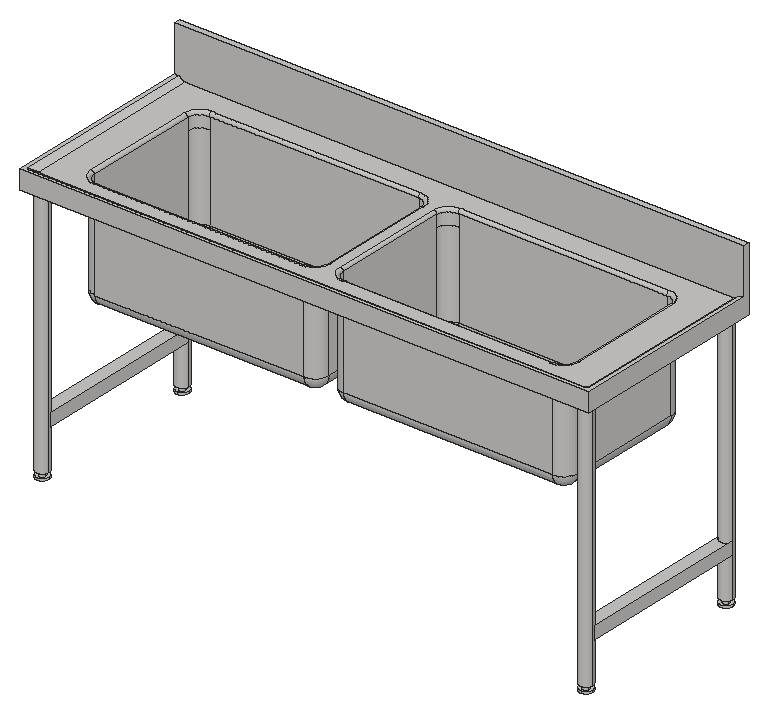
Revit family
Parameters (values of type "1850 X 650 Bowl Center")
  Depth of Bowl = 380 mm
  Width of Bowl = 460 mm
  Length of Bowl = 760 mm
  Distance of Bowl = 100 mm
  Waste Connection Radius = Waste Connection Diameter / 2  # 20 mm
  Waste Connection Diameter = 40 mm
  WFU = 0
  URL = "http://www.autospec.co.za/browse.php?id=1644179283"
  Product Code = "None"
  OmniClass Title = ""
  OmniClass Number = ""
  Modspec Classification = ""
  Specification = ""
  Location (revit room) = ""
  Material = Stainless Steel Grade 304
  Colour = none
  Bowl Posiition [instance] = if(Bowl Position End, Distance of Bowl, if(Bowl Position Center, (Length / 2 - Length of Bowl - 25 mm), Distance of Bowl))  # 140 mm
  Description = ""
  Bowl Position End = no
  Bowl Position Center = not(Bowl Position End)  # yes
  Body Finish = none
  Splashback Height = 150 mm
  Width = 650 mm
  Model = "Pot Sink Double Bowl Center Series KP2-1850 X 650"
  Manufacturer = "Kwikot"  # constant formula
  Length = 1850 mm
  Height = 1050 mm
  Assembly Code = "E1090300"
Reference planes
  plane 1 "Center (Front/Back)": y = 0
  plane 2 "Bottom": z = 0
  plane 3 "Center (Left/Right)": x = 0
  plane 4 "Left": x = -925
  plane 5 "Right": x = 925
  plane 6 "Front": y = -650
  plane 7 "Top": z = 1050
  plane 8: z = 900
  plane 9: z = 840
  plane 10: z = 520
  plane 11: y = -335
  plane 12: x = 145
  plane 13: x = -145
  plane 14: x = 25
  plane 15: x = -25
  plane 16: x = 785
  plane 17: x = -785
  plane 18: y = -565
  plane 19: y = -105
Forms (mm)
  Extrusion 1, solid, material "Stainless Steel Grade 304" <- "Material"
    sketch origin (-925, -491, 4000) x (0, -1, 0) y (0, 0, 1)
      loop
        line (-491, -3160) -> (159, -3160) -> (159, -3100) -> (-471, -3100) -> (-471, -2950) -> (-491, -2950) -> (-491, -3160)
    from 0 to -1850
  Blend 2, void
    base sketch origin (-779.234, -1524, 900) x (0, -1, 0) y (1, 0, 0)
      loop
        arc (-891, -133.766) -> (-887.464, -132.302) -> (-886, -128.766) r 5
        line (-886, -128.766) -> (-886, 1687.234)
        arc (-886, 1687.234) -> (-887.464, 1690.769) -> (-891, 1692.234) r 5
        line (-891, 1692.234) -> (-1504, 1692.234) -> (-1504, -133.766) -> (-891, -133.766)
    top sketch origin (-779.234, -1524, 900) x (0, -1, 0) y (1, 0, 0)
      loop
        line (-1504, -113.766) -> (-911, -113.766)
        arc (-911, -113.766) -> (-907.464, -112.302) -> (-906, -108.766) r 5
        line (-906, -108.766) -> (-906, 1667.234)
        arc (-906, 1667.234) -> (-907.464, 1670.769) -> (-911, 1672.234) r 5
        line (-911, 1672.234) -> (-1504, 1672.234) -> (-1504, -113.766)
    from 0 to -12
  Extrusion 3, void
    sketch origin (-779.234, -1524, 840) x (0, -1, 0) y (-1, 0, 0)
      loop
        line (-1419, -844.234) -> (-1419, -1524.234)
        arc (-1419, -1524.234) -> (-1407.284, -1552.518) -> (-1379, -1564.234) r 40
        line (-1379, -1564.234) -> (-999, -1564.234)
        arc (-999, -1564.234) -> (-970.716, -1552.518) -> (-959, -1524.234) r 40
        line (-959, -1524.234) -> (-959, -844.234)
        arc (-959, -844.234) -> (-970.716, -815.949) -> (-999, -804.234) r 40
        line (-999, -804.234) -> (-1379, -804.234)
        arc (-1379, -804.234) -> (-1407.284, -815.949) -> (-1419, -844.234) r 40
      loop
        arc (-1419, -714.234) -> (-1407.284, -742.518) -> (-1379, -754.234) r 40
        line (-1379, -754.234) -> (-999, -754.234)
        arc (-999, -754.234) -> (-970.716, -742.518) -> (-959, -714.234) r 40
        line (-959, -714.234) -> (-959, -34.234)
        arc (-959, -34.234) -> (-970.716, -5.949) -> (-999, 5.766) r 40
        line (-999, 5.766) -> (-1379, 5.766)
        arc (-1379, 5.766) -> (-1407.284, -5.949) -> (-1419, -34.234) r 40
        line (-1419, -34.234) -> (-1419, -714.234)
    from 0 to -60
  Sweep 4, solid, material "Stainless Steel Grade 304" <- "Material"
    path origin (-779.234, -1524, 900) x (-1, 0, 0) y (0, -1, 0)
      loop
        line (-804.234, -1379) -> (-804.234, -999)
        arc (-804.234, -999) -> (-815.949, -970.716) -> (-844.234, -959) r 40
        line (-844.234, -959) -> (-1524.234, -959)
        arc (-1524.234, -959) -> (-1552.518, -970.716) -> (-1564.234, -999) r 40
        line (-1564.234, -999) -> (-1564.234, -1379)
        arc (-1564.234, -1379) -> (-1552.518, -1407.284) -> (-1524.234, -1419) r 40
        line (-1524.234, -1419) -> (-844.234, -1419)
        arc (-844.234, -1419) -> (-815.949, -1407.284) -> (-804.234, -1379) r 40
    profile origin (25, -335, 900) x (1, 0, 0) y (0, 0, 1)
      loop
        line (0, -12) -> (-5, -12) -> (-5, -340)
        arc (-5, -340) -> (6.716, -368.284) -> (35, -380) r 40
        line (35, -380) -> (35, -375)
        arc (35, -375) -> (10.251, -364.749) -> (0, -340) r 35
        line (0, -340) -> (0, -12)
  Sweep 5, solid, material "Stainless Steel Grade 304" <- "Material"
    path origin (-779.234, -1524, 900) x (-1, 0, 0) y (0, -1, 0)
      loop
        line (5.766, -1379) -> (5.766, -999)
        arc (5.766, -999) -> (-5.949, -970.716) -> (-34.234, -959) r 40
        line (-34.234, -959) -> (-714.234, -959)
        arc (-714.234, -959) -> (-742.518, -970.716) -> (-754.234, -999) r 40
        line (-754.234, -999) -> (-754.234, -1379)
        arc (-754.234, -1379) -> (-742.518, -1407.284) -> (-714.234, -1419) r 40
        line (-714.234, -1419) -> (-34.234, -1419)
        arc (-34.234, -1419) -> (-5.949, -1407.284) -> (5.766, -1379) r 40
    profile origin (-785, -335, 900) x (1, 0, 0) y (0, 0, 1)
      loop
        line (0, -12) -> (-5, -12) -> (-5, -340)
        arc (-5, -340) -> (6.716, -368.284) -> (35, -380) r 40
        line (35, -380) -> (35, -375)
        arc (35, -375) -> (10.251, -364.749) -> (0, -340) r 35
        line (0, -340) -> (0, -12)
  Extrusion 6, solid, material "Stainless Steel Grade 304" <- "Material"
    sketch origin (-779.234, -1524, 520) x (-1, 0, 0) y (0, -1, 0)
      loop
        arc (-29.234, -999) -> (-30.698, -995.464) -> (-34.234, -994) r 5
        line (-34.234, -994) -> (-714.234, -994)
        arc (-714.234, -994) -> (-717.769, -995.464) -> (-719.234, -999) r 5
        line (-719.234, -999) -> (-719.234, -1379)
        arc (-719.234, -1379) -> (-717.769, -1382.536) -> (-714.234, -1384) r 5
        line (-714.234, -1384) -> (-34.234, -1384)
        arc (-34.234, -1384) -> (-30.698, -1382.536) -> (-29.234, -1379) r 5
        line (-29.234, -1379) -> (-29.234, -999)
      loop
        circle (-634.234, -1189) r 26
    from 0 to 5
  Extrusion 7, solid, material "Stainless Steel Grade 304" <- "Material"
    sketch origin (-779.234, -1524, 520) x (-1, 0, 0) y (0, -1, 0)
      loop
        arc (-839.234, -999) -> (-840.698, -995.464) -> (-844.234, -994) r 5
        line (-844.234, -994) -> (-1524.234, -994)
        arc (-1524.234, -994) -> (-1527.769, -995.464) -> (-1529.234, -999) r 5
        line (-1529.234, -999) -> (-1529.234, -1379)
        arc (-1529.234, -1379) -> (-1527.769, -1382.536) -> (-1524.234, -1384) r 5
        line (-1524.234, -1384) -> (-844.234, -1384)
        arc (-844.234, -1384) -> (-840.698, -1382.536) -> (-839.234, -1379) r 5
        line (-839.234, -1379) -> (-839.234, -999)
      loop
        circle (-924.234, -1189) r 26
    from 0 to 5
  Blend 8, solid, material "Stainless Steel Grade 304"
    base sketch origin (-779.234, -1524, 520) x (-1, 0, 0) y (0, -1, 0)
      loop
        circle (-634.234, -1189) r 26
    top sketch origin (-779.234, -1524, 520) x (-1, 0, 0) y (0, -1, 0)
      loop
        circle (-634.234, -1189) r 20
    from 0 to -5
  Blend 9, solid, material "Stainless Steel Grade 304"
    base sketch origin (-779.234, -1524, 520) x (-1, 0, 0) y (0, -1, 0)
      loop
        circle (-924.234, -1189) r 26
    top sketch origin (-779.234, -1524, 520) x (-1, 0, 0) y (0, -1, 0)
      loop
        circle (-924.234, -1189) r 20
    from 0 to -5
  Sweep 10, void
    path origin (-779.234, -1524, 900) x (-1, 0, 0) y (0, -1, 0)
      loop
        line (5.766, -1379) -> (5.766, -999)
        arc (5.766, -999) -> (-5.949, -970.716) -> (-34.234, -959) r 40
        line (-34.234, -959) -> (-714.234, -959)
        arc (-714.234, -959) -> (-742.518, -970.716) -> (-754.234, -999) r 40
        line (-754.234, -999) -> (-754.234, -1379)
        arc (-754.234, -1379) -> (-742.518, -1407.284) -> (-714.234, -1419) r 40
        line (-714.234, -1419) -> (-34.234, -1419)
        arc (-34.234, -1419) -> (-5.949, -1407.284) -> (5.766, -1379) r 40
    profile origin (-785, -335, 900) x (1, 0, 0) y (0, 0, 1)
      loop
        line (0, -12) -> (-10, -12)
        arc (-10, -12) -> (-2.929, -14.929) -> (0, -22) r 10
        line (0, -22) -> (0, -12)
  Sweep 11, void
    path origin (-779.234, -1524, 900) x (-1, 0, 0) y (0, -1, 0)
      loop
        line (-804.234, -1379) -> (-804.234, -999)
        arc (-804.234, -999) -> (-815.949, -970.716) -> (-844.234, -959) r 40
        line (-844.234, -959) -> (-1524.234, -959)
        arc (-1524.234, -959) -> (-1552.518, -970.716) -> (-1564.234, -999) r 40
        line (-1564.234, -999) -> (-1564.234, -1379)
        arc (-1564.234, -1379) -> (-1552.518, -1407.284) -> (-1524.234, -1419) r 40
        line (-1524.234, -1419) -> (-844.234, -1419)
        arc (-844.234, -1419) -> (-815.949, -1407.284) -> (-804.234, -1379) r 40
    profile origin (25, -335, 900) x (1, 0, 0) y (0, 0, 1)
      loop
        line (0, -12) -> (-10, -12)
        arc (-10, -12) -> (-2.929, -14.929) -> (0, -22) r 10
        line (0, -22) -> (0, -12)
  Extrusion 12, solid, material "Stainless Steel Grade 304" <- "Material"
    sketch origin (0, 0, 0) x (1, 0, 0) y (0, 1, 0)
      loop
        circle (-885, -610) r 21
      loop
        circle (-885, -40) r 21
      loop
        circle (885, -610) r 21
      loop
        circle (885, -40) r 21
    from 0 to 5
  Extrusion 13, solid, material "Stainless Steel Grade 304" <- "Material"
    sketch origin (0, 0, 0) x (1, 0, 0) y (0, 1, 0)
      loop
        circle (885, -610) r 10
      loop
        circle (-885, -610) r 10
      loop
        circle (-885, -40) r 10
      loop
        circle (885, -40) r 10
    from 5 to 20
  Extrusion 14, solid, material "Stainless Steel Grade 304" <- "Material"
    sketch origin (-779.234, -1524, 840) x (-1, 0, 0) y (0, -1, 0)
      loop
        circle (105.766, -914) r 21
      loop
        circle (105.766, -1484) r 21
      loop
        circle (-1664.234, -1484) r 21
      loop
        circle (-1664.234, -914) r 21
    from 0 to -820
  Extrusion 15, solid, material "Stainless Steel Grade 304" <- "Material"
    sketch origin (0, 0, 0) x (1, 0, 0) y (0, 1, 0)
      loop
        line (906, -610) -> (906, -40)
        arc (906, -40) -> (885, -61) -> (864, -40) r 21
        line (864, -40) -> (864, -610)
        arc (864, -610) -> (885, -589) -> (906, -610) r 21
      loop
        line (-906, -40) -> (-906, -610)
        arc (-906, -610) -> (-885, -589) -> (-864, -610) r 21
        line (-864, -610) -> (-864, -40)
        arc (-864, -40) -> (-885, -61) -> (-906, -40) r 21
    from 150 to 190
Cuts and joins
  Blend 2, Extrusion 3, Sweep 10, Sweep 11 cuts Extrusion 1
  Sweep 10, Sweep 11 cuts Sweep 4
  Sweep 10, Sweep 11 cuts Sweep 5
  Sweep 10, Sweep 11 cuts Extrusion 6
  Sweep 10, Sweep 11 cuts Extrusion 7
  joined: Extrusion 1, Sweep 4, Sweep 5, Extrusion 6, Extrusion 7
Lines and regions (mm)
  symbolic lines
    curve 1: line (-925, 0, 750) -> (-925, -650, 750)
    curve 2: line (925, 0, 750) -> (-925, 0, 750)
    curve 3: line (925, -650, 750) -> (925, 0, 750)
    curve 4: line (-925, -650, 750) -> (925, -650, 750)
    curve 5: line (-925, -20, 750) -> (925, -20, 750)
    curve 6: line (-913, -633, 1050) -> (-913, -20, 1050)
    curve 7: arc (-908, -638, 1050) -> (-911.536, -636.536, 1050) -> (-913, -633, 1050) r 5
    curve 8: line (908, -638, 1050) -> (-908, -638, 1050)
    curve 9: line (-893, -20, 1050) -> (-893, -613, 1050)
    curve 10: arc (-893, -613, 1050) -> (-891.536, -616.536, 1050) -> (-888, -618, 1050) r 5
    curve 11: line (-888, -618, 1050) -> (888, -618, 1050)
    curve 12: arc (888, -618, 1050) -> (891.536, -616.536, 1050) -> (893, -613, 1050) r 5
    curve 13: line (893, -613, 1050) -> (893, -20, 1050)
    curve 14: arc (913, -633, 1050) -> (911.536, -636.536, 1050) -> (908, -638, 1050) r 5
    curve 15: line (913, -20, 1050) -> (913, -633, 1050)
    curve 16: line (745, -565, 1050) -> (65, -565, 1050)
    curve 17: arc (65, -565, 1050) -> (36.716, -553.284, 1050) -> (25, -525, 1050) r 40
    curve 18: line (25, -525, 1050) -> (25, -145, 1050)
    curve 19: arc (25, -145, 1050) -> (36.716, -116.716, 1050) -> (65, -105, 1050) r 40
    curve 20: line (65, -105, 1050) -> (745, -105, 1050)
    curve 21: arc (745, -105, 1050) -> (773.284, -116.716, 1050) -> (785, -145, 1050) r 40
    curve 22: line (785, -145, 1050) -> (785, -525, 1050)
    curve 23: arc (785, -525, 1050) -> (773.284, -553.284, 1050) -> (745, -565, 1050) r 40
    curve 24: line (-785, -145, 1050) -> (-785, -525, 1050)
    curve 25: arc (-785, -145, 1050) -> (-773.284, -116.716, 1050) -> (-745, -105, 1050) r 40
    curve 26: line (-65, -105, 1050) -> (-745, -105, 1050)
    curve 27: arc (-65, -105, 1050) -> (-36.716, -116.716, 1050) -> (-25, -145, 1050) r 40
    curve 28: line (-25, -525, 1050) -> (-25, -145, 1050)
    curve 31: arc (-25, -525, 1050) -> (-36.716, -553.284, 1050) -> (-65, -565, 1050) r 40
    curve 32: line (-745, -565, 1050) -> (-65, -565, 1050)
    curve 33: arc (-745, -565, 1050) -> (-773.284, -553.284, 1050) -> (-785, -525, 1050) r 40
  symbolic lines, detail levels fine
    curve 29: arc (-171, -335, 1050) -> (-145, -309, 1050) -> (-119, -335, 1050) r 26
    curve 30: arc (-119, -335, 1050) -> (-145, -361, 1050) -> (-171, -335, 1050) r 26
    curve 34: arc (171, -335, 1050) -> (145, -361, 1050) -> (119, -335, 1050) r 26
    curve 35: arc (119, -335, 1050) -> (145, -309, 1050) -> (171, -335, 1050) r 26
Dimensions and locks
  equal spacing: plane 4 "Left", plane 3 "Center (Left/Right)", plane 5 "Right"
  "Length": plane 4 "Left" to plane 5 "Right"
  "Width": plane 1 "Center (Front/Back)" to plane 6 "Front"
  "Height": plane 7 "Top" to level
  "Splashback Height": plane 7 "Top" to plane 8
  Blend 2 sketch curve to plane 6 "Front" = 12 mm
  plane 11 to plane 1 "Center (Front/Back)" = 335 mm
  Blend 2 sketch curve to var sketch = 20 mm  (x2)
  var sketch to Blend 2 sketch curve = 20 mm
  "Depth of Bowl": plane 8 to plane 10
  "Length of Bowl": plane 14 to plane 16
  "Length of Bowl": plane 17 to plane 15
  "Width of Bowl": plane 19 to plane 18
  plane 18 to plane 6 "Front" = 85 mm
  locked: plane 14 to plane 12 at 120
  locked: plane 13 to plane 15 at 120
  plane 8 to plane 9 = 60 mm
  plane 4 "Left" to Extrusion 12 sketch curve = 40 mm  (x2)
  Extrusion 12 sketch curve to plane 6 "Front" = 40 mm  (x2)
  Extrusion 12 sketch curve to plane 1 "Center (Front/Back)" = 40 mm  (x2)
  Extrusion 12 sketch curve to plane 5 "Right" = 40 mm  (x2)
  Extrusion 13 sketch curve to plane 5 "Right" = 40 mm  (x2)
  Extrusion 13 sketch curve to plane 1 "Center (Front/Back)" = 40 mm  (x2)
  plane 4 "Left" to Extrusion 13 sketch curve = 40 mm  (x2)
  Extrusion 13 sketch curve to plane 6 "Front" = 40 mm  (x2)
  Extrusion 15 to plane 2 "Bottom" = 150 mm
  "Bowl Posiition": plane 16 to plane 5 "Right"
  plane 15 to plane 14 = 50 mm
  radius of Extrusion 3 sketch curve = 40 mm  (x8)
  radius of Extrusion 7 sketch curve = 26 mm
  "Waste Connection Radius": radius of Blend 8 sketch curve
  "Waste Connection Radius": radius of Blend 9 sketch curve
  radius of Extrusion 12 sketch curve = 21 mm  (x4)
  radius of Extrusion 13 sketch curve = 10 mm  (x4)
  aligned and locked: level to plane 2 "Bottom"
  aligned and locked: Extrusion 1 sketch curve to plane 9
  aligned and locked: Extrusion 1 sketch curve to plane 1 "Center (Front/Back)"
  aligned and locked: plane 8 to Extrusion 1 sketch curve
  aligned and locked: Extrusion 1 sketch curve to plane 6 "Front"
  aligned and locked: plane 7 "Top" to Extrusion 1 sketch curve
  aligned and locked: plane 4 "Left" to Extrusion 1
  aligned and locked: Extrusion 1 to plane 5 "Right"
  aligned and locked: var sketch to Blend 2 sketch curve
  aligned and locked: plane 8 to Extrusion 3
  aligned and locked: Extrusion 3 to plane 9
  aligned and locked: Sweep 4 sketch curve to cut or joined group of Extrusion 1, Blend 2, Extrusion 3, Sweep 4, Sweep 5, Extrusion 6, Extrusion 7, Sweep 10, Sweep 11  (x6)
  aligned and locked: curve 7 to cut or joined group of Extrusion 1, Blend 2, Extrusion 3, Sweep 4, Sweep 5, Extrusion 6, Extrusion 7, Sweep 10, Sweep 11
  aligned and locked: curve 9 to cut or joined group of Extrusion 1, Blend 2, Extrusion 3, Sweep 4, Sweep 5, Extrusion 6, Extrusion 7, Sweep 10, Sweep 11
  aligned and locked: curve 10 to cut or joined group of Extrusion 1, Blend 2, Extrusion 3, Sweep 4, Sweep 5, Extrusion 6, Extrusion 7, Sweep 10, Sweep 11
  aligned and locked: curve 12 to cut or joined group of Extrusion 1, Blend 2, Extrusion 3, Sweep 4, Sweep 5, Extrusion 6, Extrusion 7, Sweep 10, Sweep 11
  aligned and locked: curve 14 to cut or joined group of Extrusion 1, Blend 2, Extrusion 3, Sweep 4, Sweep 5, Extrusion 6, Extrusion 7, Sweep 10, Sweep 11
  aligned and locked: curve 15 to cut or joined group of Extrusion 1, Blend 2, Extrusion 3, Sweep 4, Sweep 5, Extrusion 6, Extrusion 7, Sweep 10, Sweep 11
  aligned and locked: curve 17 to cut or joined group of Extrusion 1, Blend 2, Extrusion 3, Sweep 4, Sweep 5, Extrusion 6, Extrusion 7, Sweep 10, Sweep 11
  aligned and locked: curve 19 to cut or joined group of Extrusion 1, Blend 2, Extrusion 3, Sweep 4, Sweep 5, Extrusion 6, Extrusion 7, Sweep 10, Sweep 11
  aligned and locked: curve 21 to cut or joined group of Extrusion 1, Blend 2, Extrusion 3, Sweep 4, Sweep 5, Extrusion 6, Extrusion 7, Sweep 10, Sweep 11
  aligned and locked: curve 23 to cut or joined group of Extrusion 1, Blend 2, Extrusion 3, Sweep 4, Sweep 5, Extrusion 6, Extrusion 7, Sweep 10, Sweep 11
  aligned and locked: Sweep 5 sketch curve to cut or joined group of Extrusion 1, Blend 2, Extrusion 3, Sweep 4, Sweep 5, Extrusion 6, Extrusion 7, Sweep 10, Sweep 11  (x6)
  aligned and locked: Extrusion 6 sketch curve to cut or joined group of Extrusion 1, Blend 2, Extrusion 3, Sweep 4, Sweep 5, Extrusion 6, Extrusion 7, Sweep 10, Sweep 11  (x4)
  aligned and locked: plane 11 to Extrusion 6 sketch curve
  aligned and locked: plane 13 to Extrusion 6 sketch curve
  aligned and locked: Extrusion 7 sketch curve to cut or joined group of Extrusion 1, Blend 2, Extrusion 3, Sweep 4, Sweep 5, Extrusion 6, Extrusion 7, Sweep 10, Sweep 11  (x4)
  aligned and locked: plane 11 to Extrusion 7 sketch curve
  aligned and locked: plane 12 to Extrusion 7 sketch curve
  aligned and locked: curve 25 to cut or joined group of Extrusion 1, Blend 2, Extrusion 3, Sweep 4, Sweep 5, Extrusion 6, Extrusion 7, Sweep 10, Sweep 11
  aligned and locked: curve 27 to cut or joined group of Extrusion 1, Blend 2, Extrusion 3, Sweep 4, Sweep 5, Extrusion 6, Extrusion 7, Sweep 10, Sweep 11
  aligned and locked: curve 29 to cut or joined group of Extrusion 1, Blend 2, Extrusion 3, Sweep 4, Sweep 5, Extrusion 6, Extrusion 7, Sweep 10, Sweep 11
  aligned and locked: curve 30 to cut or joined group of Extrusion 1, Blend 2, Extrusion 3, Sweep 4, Sweep 5, Extrusion 6, Extrusion 7, Sweep 10, Sweep 11
  aligned and locked: curve 31 to cut or joined group of Extrusion 1, Blend 2, Extrusion 3, Sweep 4, Sweep 5, Extrusion 6, Extrusion 7, Sweep 10, Sweep 11
  aligned and locked: curve 33 to cut or joined group of Extrusion 1, Blend 2, Extrusion 3, Sweep 4, Sweep 5, Extrusion 6, Extrusion 7, Sweep 10, Sweep 11
  aligned and locked: curve 34 to cut or joined group of Extrusion 1, Blend 2, Extrusion 3, Sweep 4, Sweep 5, Extrusion 6, Extrusion 7, Sweep 10, Sweep 11
  aligned and locked: curve 35 to cut or joined group of Extrusion 1, Blend 2, Extrusion 3, Sweep 4, Sweep 5, Extrusion 6, Extrusion 7, Sweep 10, Sweep 11
  aligned and locked: Blend 8 sketch curve to cut or joined group of Extrusion 1, Blend 2, Extrusion 3, Sweep 4, Sweep 5, Extrusion 6, Extrusion 7, Sweep 10, Sweep 11  (x2)
  aligned and locked: plane 11 to Blend 8 sketch curve
  aligned and locked: plane 13 to Blend 8 sketch curve
  aligned and locked: Blend 9 sketch curve to cut or joined group of Extrusion 1, Blend 2, Extrusion 3, Sweep 4, Sweep 5, Extrusion 6, Extrusion 7, Sweep 10, Sweep 11  (x2)
  aligned and locked: plane 11 to Blend 9 sketch curve
  aligned and locked: plane 12 to Blend 9 sketch curve
  aligned and locked: plane 10 to Sweep 5 sketch curve
  aligned and locked: plane 10 to Sweep 4 sketch curve
  aligned and locked: plane 17 to Extrusion 3 sketch curve
  aligned and locked: plane 19 to Extrusion 3 sketch curve
  aligned and locked: Extrusion 3 sketch curve to plane 19
  aligned and locked: plane 18 to Extrusion 3 sketch curve
  aligned and locked: Extrusion 3 sketch curve to plane 18
  aligned and locked: plane 16 to Extrusion 3 sketch curve
  aligned and locked: plane 15 to Extrusion 3 sketch curve
  aligned and locked: plane 14 to Extrusion 3 sketch curve
  aligned and locked: Sweep 10 sketch curve to cut or joined group of Extrusion 1, Blend 2, Extrusion 3, Sweep 4, Sweep 5, Extrusion 6, Extrusion 7, Sweep 10, Sweep 11  (x4)
  aligned and locked: profile plane to Sweep 10 sketch curve
  aligned and locked: cut or joined group of Extrusion 1, Blend 2, Extrusion 3, Sweep 4, Sweep 5, Extrusion 6, Extrusion 7, Sweep 10, Sweep 11 to Sweep 10 sketch curve
  aligned and locked: Sweep 11 sketch curve to cut or joined group of Extrusion 1, Blend 2, Extrusion 3, Sweep 4, Sweep 5, Extrusion 6, Extrusion 7, Sweep 10, Sweep 11  (x4)
  aligned and locked: profile plane to Sweep 11 sketch curve
  aligned and locked: cut or joined group of Extrusion 1, Blend 2, Extrusion 3, Sweep 4, Sweep 5, Extrusion 6, Extrusion 7, Sweep 10, Sweep 11 to Sweep 11 sketch curve
  aligned and locked: Extrusion 12 to plane 2 "Bottom"
  aligned and locked: Extrusion 13 to Extrusion 12
  aligned and locked: Extrusion 14 sketch curve to Extrusion 12  (x8)
  aligned and locked: plane 9 to Extrusion 14
  aligned and locked: Extrusion 14 to Extrusion 13
  aligned and locked: Extrusion 15 sketch curve to Extrusion 14  (x4)
Automatic sketch dimensions
  plane 1 "Center (Front/Back)" to Extrusion 1 sketch curve = 20 mm
  Blend 2 sketch curve to Blend 2 sketch curve = 5 mm  (x4)
  plane 1 "Center (Front/Back)" to Blend 2 sketch curve = 20 mm
  Blend 2 sketch curve to plane 4 "Left" = 12 mm
  plane 5 "Right" to Blend 2 sketch curve = 17 mm
  plane 1 "Center (Front/Back)" to curve 3 = 0 mm
  curve 3 to plane 5 "Right" = 0 mm
  curve 4 to plane 4 "Left" = 0 mm
  curve 4 to plane 6 "Front" = 0 mm
  curve 1 to curve 5 = 20 mm
  plane 1 "Center (Front/Back)" to curve 15 = 20 mm
  plane 1 "Center (Front/Back)" to curve 9 = 20 mm
  plane 1 "Center (Front/Back)" to curve 13 = 20 mm
  curve 6 to curve 9 = 0 mm
  Sweep 5 sketch curve to Sweep 5 sketch curve = 0 mm
  profile plane to Sweep 5 sketch curve = 5 mm
  Sweep 5 sketch curve to profile plane = 35 mm
  Sweep 4 sketch curve to Sweep 4 sketch curve = 0 mm
  profile plane to Sweep 4 sketch curve = 5 mm
  Sweep 4 sketch curve to Sweep 4 sketch curve = 35 mm
  profile plane to Sweep 10 sketch curve = 10 mm
  Sweep 10 sketch curve to Sweep 10 sketch curve = 10 mm  (x2)
  Sweep 10 sketch curve to Sweep 10 sketch curve = 0 mm
  profile plane to Sweep 10 sketch curve = 0 mm
  profile plane to Sweep 11 sketch curve = 10 mm
  Sweep 11 sketch curve to Sweep 11 sketch curve = 0 mm  (x2)
  Sweep 11 sketch curve to Sweep 11 sketch curve = 10 mm
  profile plane to Sweep 11 sketch curve = 0 mm
  Extrusion 15 sketch curve to Extrusion 15 sketch curve = 0 mm
  radius of Extrusion 6 sketch curve = 26 mm
Connectors
  piping at (-145, -335, 515), driven by "Waste Connection Radius", driven by "WFU"
    settings: on Blend 8, index 1, connector radius 20 mm, flow factor 0, pipe flow 0.0 L/s, pressure drop 0.0 Pa, fitting loss kfactor 0, connector angle 0.00°, fixture units 0, flow configuration 3, flow direction 2, fitting loss method 0, system type 16, connector reference index -1, connector utility 0, adjustable connector no, is connector primary yes, fitting loss table "", connector description "Waste Connection"
  piping at (145, -335, 515), driven by "Waste Connection Radius", driven by "WFU"
    settings: on Blend 9, index 2, connector radius 20 mm, flow factor 0, pipe flow 0.0 L/s, pressure drop 0.0 Pa, fitting loss kfactor 0, connector angle 0.00°, fixture units 0, flow configuration 3, flow direction 2, fitting loss method 0, system type 16, connector reference index -1, connector utility 0, adjustable connector no, is connector primary no, fitting loss table "", connector description "Waste Connection"
